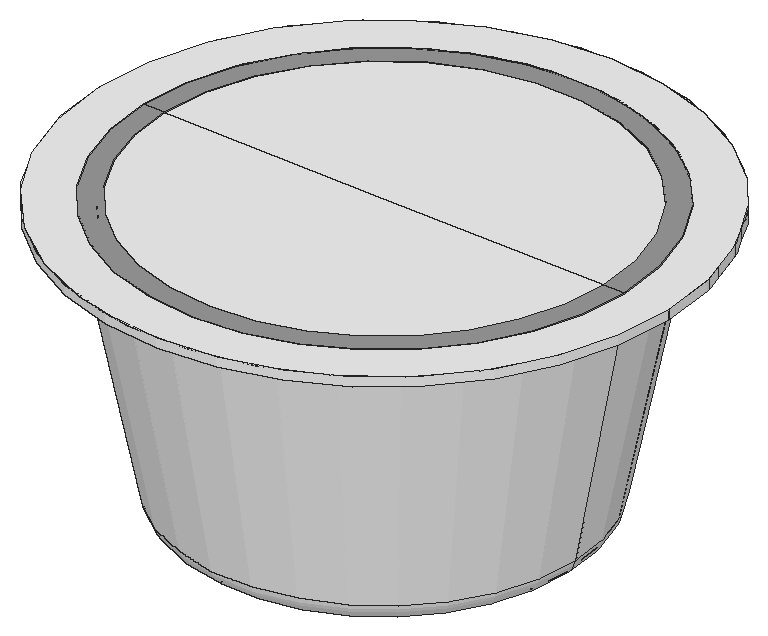
Revit family "2060666", category Lighting Fixtures, host Face, Revit 2018
Family settings
  Host = Face
  Round Connector Dimension = Use Diameter
  Part Type = Normal
  OmniClass Number = 23.80.70.11.17
  OmniClass Title = Specialized Lighting by Location or Use
  Cut with Voids When Loaded = No
  Light Source = Yes
  Shared = No
  Room Calculation Point = No
Parameters (values of type "2060666 ASCENT 100 II ARCH 1850 4K IP65 DALI 160")
  WidthBezelAcc_SYL = 25.0 mm
  Weight = "n/a"
  Wattage = 7 W
  WarrantyStartDate [instance] = "n/a"
  WarrantyGuarantorParts = "n/a"
  WarrantyDurationUnit = "n/a"
  WarrantyDurationParts = ""
  WarrantyDescription = "http://www.sylvania-lighting.com"
  built-in parameter 1150110 = 1 (stored number, unit not read)
  Voltage = 0 V
  VisibilityAccessory_SYL = no
  TypeName = "ASCENT 100 II ARCH 1850 4K IP65 DALI 160"
  built-in parameter 1114217 = 1 (stored number, unit not read)
  Tilt Angle = -90°
  built-in parameter 1150109 = 1 (stored number, unit not read)
  built-in parameter 1150134 = (empty or 0)
  built-in parameter 1150113 = 1 (stored number, unit not read)
  SerialNumber [instance] = "n/a"
  ReflectorRadius_SYL = Radius_SYL - 14.5 mm  # 80.0 mm
  RadiusAcc_SYL = 104.5 mm
  Radius_SYL = 94.5 mm
  URL = "0.95"
  PowerFactor = 0
  PowerConsumption = "Lighting"
  Photometric Web File = "2060666.ies"
  NominalWidth = 0.0 mm
  NominalLength = 209.0 mm
  NominalHeight = 94.0 mm
  Name = "ASCENT 100 II ARCH 1850 4K IP65 DALI 160"
  ModelReference = "ASCENT 100 II ARCH 1850 4K IP65 DALI 160"
  ModelNumber = "2060666"
  Material_4_SYL = none
  Material_3_SYL = Polycarbonate_Sylvania_Ascent_Opal
  Material_2_SYL = Aluminium_Sylvania_Ascent_Silver
  Material_1_SYL = Aluminum_Sylvania_Ascent_White
  Material = "Feilo Sylvania"
  ManufacturerName = "109 lm/W"
  LuminousEfficacy = ""
  built-in parameter 1150105 = 76.872 (stored number, unit not read)
  Lumens = 966 lm
  LuminaireType = "0"
  built-in parameter 1150115 = 1 (stored number, unit not read)
  LightOutputRatio = "LED"
  built-in parameter 1150137 = (empty or 0)
  built-in parameter 1150139 = (empty or 0)
  LampsType = Lamp  # "n/a"
  LampNominalLuminous = "4000 K"
  LampMacAdamStep = "80"
  LampColourTemperature = "LED"
  LampColourRenderingIndex = "16500"
  built-in parameter 1150112 = 1 (stored number, unit not read)
  built-in parameter 1150114 = 1 (stored number, unit not read)
  Keynote = "n/a"
  InstallationDate [instance] = "n/a"
  InputVoltage = "0"
  InputNominalFrequency = "4000"
  built-in parameter 1150132 = (empty or 0)
  built-in parameter 1150102 = (empty or 0)
  built-in parameter 1150107 = 3000 (stored number, unit not read)
  built-in parameter 1150138 = (empty or 0)
  IngressProtection = "IfcLightFixtureType"
  ImpactProtectionIndex = "IfcLightFixtureType"
  built-in parameter 1150106 = 0.76872 (stored number, unit not read)
  IfcExportType = "IfcLightFixtureType"
  IfcExportAs = "Class II"
  HeightAcc_SYL = 7.0 mm
  Height = 96.0 mm
  ExpectedLife = 50000
  EmittionSurface_SYL = if(VisibilityAccessory_SYL, 7.0 mm, 3.0 mm)  # 3.0 mm
  Emit from Circle Diameter = DiffuserRadius_SYL * 2  # 146.0 mm
  Emit Shape Visible in Rendering = no
  ElectricShockClassification = "109"
  built-in parameter 1150104 = 12.821 (stored number, unit not read)
  DurationUnit = "hours"
  DocumentationLiterature = "http://www.sylvania-lighting.com/product/en-int/products/2060666"
  DimmingControlOptions = "n/a"
  Dimming Lamp Color Temperature Shift = <None>
  DiffuserRadius_SYL = ReflectorRadius_SYL - 7.0 mm  # 73.0 mm
  Diameter_SYL = 2 * Radius_SYL  # 189.0 mm
  CutoutDiameter_SYL = Diameter_SYL - 13.0 mm  # 176.0 mm
  CreatedOn = "08/06/2021"
  CreatedBy = "@sylvania-lighting.com"
  Color Filter = 16777215
  built-in parameter 1114216 [instance] = 1 (stored number, unit not read)
  Model = "ASCENT 100 II ARCH 1850 4K IP65 DALI 160"
  Manufacturer = ""
  Lamp = "n/a"
  Description = "Direct LED retro fit for original LED 100 Arch (160) single CFL lamp offering Matching lumen levels and improved light distribution of original LED 100 CFL lamp equivalents Typically half the power consumption compared to CFL Up to 112lm/W 160mm aperture Architectural reflector accepts range of glass accessories from existing LED 100 Arch 160 offering HE, HO and VHO versions equivalent of single 1 x 18W, 1 x 32W, 1 x 42W\r\n Additional VVHO versions which offer the performance circa 2 x 32W equivalent"  # constant formula
  Default Elevation = 0.0 mm
  built-in parameter 1140040 [instance] = 1
  BarCode [instance] = "n/a"
  built-in parameter 1114218 = 1 (stored number, unit not read)
  built-in parameter 1150133 = 10 (stored number, unit not read)
  AssetType = "Fixed"
  AssetIdentifier [instance] = "n/a"
  Assembly Code = "D5020200"
  Apparent Load = 17 VA
  Aperture_SYL = 2 * ReflectorRadius_SYL  # 160.0 mm
Reference planes
  plane 1 "Center (Front/Back)": y = 0
  plane 2: z = 0
  plane 3 "Center (Left/Right)": x = 0
  plane 4 "Fixture Bottom": z = 3
  plane 5: z = -52.5
  plane 6 "Fixture Top": z = -89
  plane 7: x = -104.5
  plane 8: z = 7
  plane 9: x = -79.5
  plane 10: z = 5
  plane 11: x = -102.5
Forms (mm)
  Extrusion 1, solid, material "Aluminum_Sylvania_Ascent_White", detail levels fine
    sketch origin (0, 0, 0) x (1, 0, 0) y (0, 1, 0)
      loop
        circle (0, 0) r 94.5
      loop
        circle (0, 0) r 80
    from 0 to 3
  Extrusion 2, void
    sketch origin (0, 0, 0) x (1, 0, 0) y (0, 1, 0)
      loop
        circle (0, 0) r 88
    from -89 to 3
  Revolve 3, solid, material "Aluminum_Sylvania_Ascent_White" <- "Material_1_SYL", detail levels fine
    sketch origin (0, 0, 0) x (1, 0, 0) y (0, 0, 1)
      loop
        line (0, -89.073) -> (0, -87.023) -> (-55.468, -87.014)
        arc (-55.468, -87.014) -> (-59.352, -85.613) -> (-61.54, -82.139) r 6.307
        line (-61.54, -82.139) -> (-77.991, -2.838) -> (-77.991, 0) -> (-80, 0) -> (-80, -3) -> (-63.5, -82.536)
        arc (-63.5, -82.536) -> (-60.643, -87.203) -> (-55.5, -89.073) r 8.291
        line (-55.5, -89.073) -> (0, -89.073)
      axis (0, 0) -> (0, -89.073)
    angle from 0 to 360
  Revolve 4, solid, material "Aluminium_Sylvania_Ascent_Silver" <- "Material_2_SYL", detail levels fine
    sketch origin (0, 0, 0) x (1, 0, 0) y (0, 0, 1)
      loop
        line (-80, 3) -> (-80, 0) -> (-75, 0)
        arc (-75, 0) -> (-72.349, -26.77) -> (-64.5, -52.5) r 136.5
        line (-64.5, -52.5) -> (-58, -52.5)
        arc (-58, -52.5) -> (-56.857, -61.521) -> (-53.5, -69.971) r 36.166
        line (-53.5, -69.971) -> (0, -69.971) -> (0, -50.5) -> (-63.16, -50.5)
        arc (-63.16, -50.5) -> (-70.517, -25.725) -> (-73, 0) r 134.5
        line (-73, 0) -> (-73, 3) -> (-80, 3)
      axis (0, 3) -> (0, -69.971)
    angle from 0 to 360
  Revolve 5, solid, material "Aluminum_Sylvania_Ascent_White" <- "Material_1_SYL", detail levels medium+fine
    sketch origin (0, 0, 0) x (1, 0, 0) y (0, 0, 1)
      loop
        line (0, -89.073) -> (0, 3) -> (-94.5, 3) -> (-94.5, 0) -> (-79.5, 0) -> (-79.5, -3) -> (-63, -82.536)
        arc (-63, -82.536) -> (-60.143, -87.203) -> (-55, -89.073) r 8.291
        line (-55, -89.073) -> (0, -89.073)
      axis (0, 3) -> (0, -89.073)
    angle from 0 to 360
  Revolve 6, solid, material "Aluminum_Sylvania_Ascent_White" <- "Material_1_SYL", visible <- "VisibilityAccessory_SYL", detail levels medium+fine
    sketch origin (0, 0, 0) x (1, 0, 0) y (0, 0, 1)
      loop
        line (-104.5, 0) -> (-102.5, 0) -> (-102.5, 5) -> (-79.5, 5) -> (-79.5, 7) -> (-104.5, 7) -> (-104.5, 0)
      axis (0, 7) -> (0, 0)
    angle from 0 to 360
  Extrusion 7, solid, detail levels coarse
    sketch origin (0, 0, 0) x (1, 0, 0) y (0, 0, 1)
      loop
        line (104.421, 7) -> (-104.5, 7) -> (-104.5, -89) -> (104.421, -89) -> (104.421, 7)
    from -104.368 to 104.563
Lines and regions (mm)
  reference lines
    curve 1: line (-149.5, 0, 3) -> (125, 0, 3)
Dimensions and locks
  locked: plane 4 "Fixture Bottom" to plane 2 at 3
  "ReflectorRadius_SYL": plane 3 "Center (Left/Right)" to Revolve 4 sketch curve
  locked: Revolve 4 sketch curve to Revolve 4 sketch curve at 15.5
  locked: Revolve 4 sketch curve to Revolve 4 sketch curve at 5
  locked: Revolve 4 sketch curve to Revolve 4 sketch curve at 7
  locked: Revolve 4 sketch curve to Revolve 4 sketch curve at 22
  locked: Revolve 4 sketch curve to Revolve 4 sketch curve at 26.5
  locked: Revolve 3 sketch curve to Revolve 3 sketch curve at 16.5
  locked: Revolve 3 sketch curve to Revolve 3 sketch curve at 24.5
  "ReflectorRadius_SYL": Revolve 3 sketch curve to plane 3 "Center (Left/Right)"
  locked: Revolve 3 sketch curve to plane 6 "Fixture Top" at 6.464
  locked: plane 2 to Revolve 3 sketch curve at 3
  locked: Revolve 3 sketch curve to Revolve 3 sketch curve at 2
  locked: Revolve 3 sketch curve to Revolve 3 sketch curve at 2.009
  locked: plane 2 to plane 5 at 52.5
  locked: Revolve 5 sketch curve to Revolve 5 sketch curve at 31.5
  locked: Revolve 5 sketch curve to Revolve 5 sketch curve at 39.5
  locked: Revolve 5 sketch curve to Revolve 5 sketch curve at 15
  "Radius_SYL": plane 3 "Center (Left/Right)" to Revolve 5 sketch curve
  "RadiusAcc_SYL": plane 3 "Center (Left/Right)" to plane 7
  "HeightAcc_SYL": plane 8 to level
  locked: plane 7 to plane 11 at 2
  locked: plane 8 to plane 10 at 2
  "Height": plane 6 "Fixture Top" to plane 8
  "CutoutDiameter_SYL": diameter of Extrusion 2 sketch curve
  "ReflectorRadius_SYL": radius of Extrusion 1 sketch curve
  "Radius_SYL": radius of Extrusion 1 sketch curve
  aligned and locked: host face to plane 2
  aligned and locked: host face to level
  aligned and locked: plane 4 "Fixture Bottom" to Extrusion 1
  aligned and locked: Extrusion 1 to plane 2
  aligned and locked: Revolve 3 sketch curve to plane 3 "Center (Left/Right)"
  aligned and locked: Revolve 4 sketch curve to plane 3 "Center (Left/Right)"  (x2)
  aligned and locked: plane 4 "Fixture Bottom" to Revolve 4 sketch curve
  aligned and locked: plane 2 to Revolve 3 sketch curve  (x2)
  aligned and locked: Revolve 5 sketch curve to plane 3 "Center (Left/Right)"
  aligned and locked: plane 6 "Fixture Top" to Extrusion 2
  aligned and locked: Revolve 6 sketch curve to plane 3 "Center (Left/Right)"
  aligned and locked: host face to Revolve 6 sketch curve  (x2)
  aligned and locked: Revolve 6 sketch curve to plane 7
  aligned and locked: plane 8 to Revolve 6 sketch curve
  aligned and locked: plane 9 to Revolve 6 sketch curve
  aligned and locked: Revolve 6 sketch curve to plane 10
  aligned and locked: plane 11 to Revolve 6 sketch curve
  aligned and locked: plane 3 "Center (Left/Right)" to imposter light
  aligned and locked: imposter light to plane 1 "Center (Front/Back)"
  aligned and locked: imposter light to curve 1
Automatic sketch dimensions
  plane 1 "Center (Front/Back)" to Extrusion 2 sketch curve = 0.0 mm
  Extrusion 2 sketch curve to plane 3 "Center (Left/Right)" = 0.0 mm
  Extrusion 1 sketch curve to Extrusion 1 sketch curve = 0.0 mm  (x2)
  plane 1 "Center (Front/Back)" to Extrusion 1 sketch curve = 0.0 mm
  Extrusion 1 sketch curve to plane 3 "Center (Left/Right)" = 0.0 mm
  plane 6 "Fixture Top" to Revolve 3 sketch curve = 0.073 mm
  Revolve 3 sketch curve to plane 6 "Fixture Top" = 6.861 mm
  Revolve 3 sketch curve to Revolve 3 sketch curve = 0.003 mm
  Revolve 3 sketch curve to Revolve 3 sketch curve = 0.009 mm  (x2)
  Revolve 3 sketch curve to Revolve 3 sketch curve = 0.023 mm
  Revolve 3 sketch curve to Revolve 3 sketch curve = 0.072 mm
  Revolve 3 sketch curve to Revolve 3 sketch curve = 0.008 mm
  Revolve 3 sketch curve to plane 6 "Fixture Top" = 1.977 mm
  Revolve 3 sketch curve to Revolve 3 sketch curve = 33.496 mm
  Revolve 3 sketch curve to Revolve 3 sketch curve = 0.028 mm
  plane 4 "Fixture Bottom" to Revolve 3 sketch curve = 82.431 mm
  Revolve 4 sketch curve to Revolve 4 sketch curve = 0.0 mm  (x2)
  Revolve 4 sketch curve to plane 5 = 0.0 mm
  Revolve 4 sketch curve to level = 0.0 mm
  plane 5 to Revolve 4 sketch curve = 2.0 mm
  plane 4 "Fixture Bottom" to Revolve 4 sketch curve = 9.642 mm
  Revolve 4 sketch curve to level = 69.971 mm
  Revolve 4 sketch curve to Revolve 4 sketch curve = 2.387 mm
  Revolve 5 sketch curve to level = 0.0 mm
  Revolve 5 sketch curve to plane 3 "Center (Left/Right)" = 0.0 mm
  Revolve 5 sketch curve to Revolve 5 sketch curve = 8.104 mm
  Revolve 5 sketch curve to level = 3.0 mm
  Revolve 5 sketch curve to plane 6 "Fixture Top" = 6.464 mm
  plane 6 "Fixture Top" to Revolve 5 sketch curve = 0.073 mm
  Revolve 5 sketch curve to Revolve 5 sketch curve = 33.496 mm
  plane 4 "Fixture Bottom" to Revolve 5 sketch curve = 82.431 mm
  host sketch curve to host sketch curve = 1704.996 mm
  host sketch curve to host sketch curve = 1500.0 mm
  plane 6 "Fixture Top" to Revolve 6 sketch curve = 281.274 mm
  Revolve 6 sketch curve to plane 8 = 1140.706 mm
  Revolve 3 sketch curve to plane 3 "Center (Left/Right)" = 0.0 mm
  Revolve 5 sketch curve to plane 4 "Fixture Bottom" = 0.0 mm
  plane 7 to curve 1 = 45.0 mm
  plane 3 "Center (Left/Right)" to curve 1 = 125.0 mm
  curve 1 to plane 4 "Fixture Bottom" = 0.0 mm
  plane 7 to Extrusion 7 sketch curve = 0.0 mm
  Extrusion 7 sketch curve to plane 6 "Fixture Top" = 0.0 mm
  Extrusion 7 sketch curve to plane 8 = 0.0 mm
  plane 3 "Center (Left/Right)" to Extrusion 7 sketch curve = 104.421 mm
Connectors
  electrical at (0, 0, -89.073), driven by "Apparent Load"
    settings: on Revolve 3, index 1, voltage 240 V, apparent load 0 VA, apparent load phase1 17 VA, apparent load phase2 0 VA, apparent load phase3 0 VA, power factor 1, load classification "Lighting", number of poles 1, system type 31, power factor state 1, is connector primary yes, connector utility no, sub classification motor no, connector description ""
